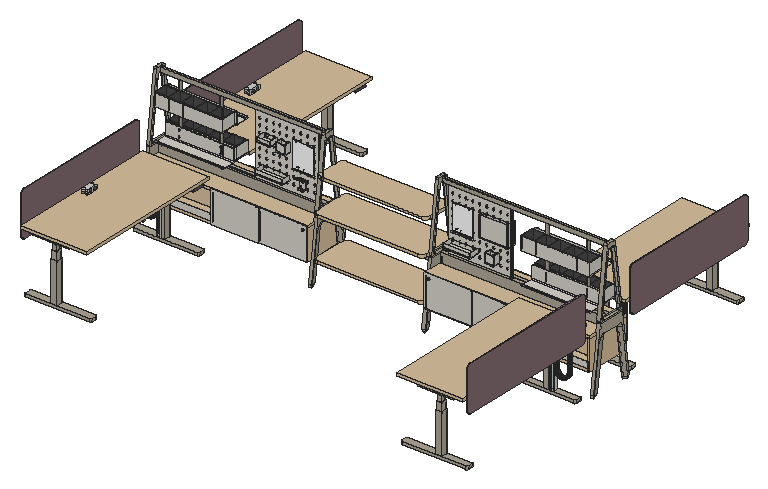
Revit family "Layout-Teknion-Expansion_Cityline_Upper_Structure_01-R2021", category Furniture Systems, Revit 2021 (continued)
Definition of nested family "Accessories-Teknion-JZTMA_Lift_And_Drop_Tile_Metal_Accessory-R2021"
  Forms (in)
    Sweep 5, void
      profile origin (21, -0.25, 0) x (-1, 0, 0) y (0, 0, 1)
        loop
          line (2.59646, 23.78343) -> (2.82283, 23.78343) -> (2.82283, 23.55705)
          arc (2.82283, 23.55705) -> (3, 23.37988) -> (3.17717, 23.55705) r 0.17717
          line (3.17717, 23.55705) -> (3.17717, 23.78343) -> (3.40354, 23.78343)
          arc (3.40354, 23.78343) -> (3.58071, 23.96059) -> (3.40354, 24.13776) r 0.17717
          line (3.40354, 24.13776) -> (3.17717, 24.13776) -> (3.17717, 24.36413)
          arc (3.17717, 24.36413) -> (3, 24.5413) -> (2.82283, 24.36413) r 0.17717
          line (2.82283, 24.36413) -> (2.82283, 24.13776) -> (2.59646, 24.13776)
          arc (2.59646, 24.13776) -> (2.41929, 23.96059) -> (2.59646, 23.78343) r 0.17717
        loop
          line (-0.40354, 23.78343) -> (-0.17717, 23.78343) -> (-0.17717, 23.55705)
          arc (-0.17717, 23.55705) -> (0, 23.37988) -> (0.17717, 23.55705) r 0.17717
          line (0.17717, 23.55705) -> (0.17717, 23.78343) -> (0.40354, 23.78343)
          arc (0.40354, 23.78343) -> (0.58071, 23.96059) -> (0.40354, 24.13776) r 0.17717
          line (0.40354, 24.13776) -> (0.17717, 24.13776) -> (0.17717, 24.36413)
          arc (0.17717, 24.36413) -> (0, 24.5413) -> (-0.17717, 24.36413) r 0.17717
          line (-0.17717, 24.36413) -> (-0.17717, 24.13776) -> (-0.40354, 24.13776)
          arc (-0.40354, 24.13776) -> (-0.58071, 23.96059) -> (-0.40354, 23.78343) r 0.17717
        loop
          line (-3.40354, 23.78343) -> (-3.17717, 23.78343) -> (-3.17717, 23.55705)
          arc (-3.17717, 23.55705) -> (-3, 23.37988) -> (-2.82283, 23.55705) r 0.17717
          line (-2.82283, 23.55705) -> (-2.82283, 23.78343) -> (-2.59646, 23.78343)
          arc (-2.59646, 23.78343) -> (-2.41929, 23.96059) -> (-2.59646, 24.13776) r 0.17717
          line (-2.59646, 24.13776) -> (-2.82283, 24.13776) -> (-2.82283, 24.36413)
          arc (-2.82283, 24.36413) -> (-3, 24.5413) -> (-3.17717, 24.36413) r 0.17717
          line (-3.17717, 24.36413) -> (-3.17717, 24.13776) -> (-3.40354, 24.13776)
          arc (-3.40354, 24.13776) -> (-3.58071, 23.96059) -> (-3.40354, 23.78343) r 0.17717
        loop
          line (-6.40354, 23.78343) -> (-6.17717, 23.78343) -> (-6.17717, 23.55705)
          arc (-6.17717, 23.55705) -> (-6, 23.37988) -> (-5.82283, 23.55705) r 0.17717
          line (-5.82283, 23.55705) -> (-5.82283, 23.78343) -> (-5.59646, 23.78343)
          arc (-5.59646, 23.78343) -> (-5.41929, 23.96059) -> (-5.59646, 24.13776) r 0.17717
          line (-5.59646, 24.13776) -> (-5.82283, 24.13776) -> (-5.82283, 24.36413)
          arc (-5.82283, 24.36413) -> (-6, 24.5413) -> (-6.17717, 24.36413) r 0.17717
          line (-6.17717, 24.36413) -> (-6.17717, 24.13776) -> (-6.40354, 24.13776)
          arc (-6.40354, 24.13776) -> (-6.58071, 23.96059) -> (-6.40354, 23.78343) r 0.17717
        loop
          line (-9.40354, 23.78343) -> (-9.17717, 23.78343) -> (-9.17717, 23.55705)
          arc (-9.17717, 23.55705) -> (-9, 23.37988) -> (-8.82283, 23.55705) r 0.17717
          line (-8.82283, 23.55705) -> (-8.82283, 23.78343) -> (-8.59646, 23.78343)
          arc (-8.59646, 23.78343) -> (-8.41929, 23.96059) -> (-8.59646, 24.13776) r 0.17717
          line (-8.59646, 24.13776) -> (-8.82283, 24.13776) -> (-8.82283, 24.36413)
          arc (-8.82283, 24.36413) -> (-9, 24.5413) -> (-9.17717, 24.36413) r 0.17717
          line (-9.17717, 24.36413) -> (-9.17717, 24.13776) -> (-9.40354, 24.13776)
          arc (-9.40354, 24.13776) -> (-9.58071, 23.96059) -> (-9.40354, 23.78343) r 0.17717
        loop
          line (-12.40354, 23.78343) -> (-12.17717, 23.78343) -> (-12.17717, 23.55705)
          arc (-12.17717, 23.55705) -> (-12, 23.37988) -> (-11.82283, 23.55705) r 0.17717
          line (-11.82283, 23.55705) -> (-11.82283, 23.78343) -> (-11.59646, 23.78343)
          arc (-11.59646, 23.78343) -> (-11.41929, 23.96059) -> (-11.59646, 24.13776) r 0.17717
          line (-11.59646, 24.13776) -> (-11.82283, 24.13776) -> (-11.82283, 24.36413)
          arc (-11.82283, 24.36413) -> (-12, 24.5413) -> (-12.17717, 24.36413) r 0.17717
          line (-12.17717, 24.36413) -> (-12.17717, 24.13776) -> (-12.40354, 24.13776)
          arc (-12.40354, 24.13776) -> (-12.58071, 23.96059) -> (-12.40354, 23.78343) r 0.17717
        loop
          line (-15.40354, 23.78343) -> (-15.17717, 23.78343) -> (-15.17717, 23.55705)
          arc (-15.17717, 23.55705) -> (-15, 23.37988) -> (-14.82283, 23.55705) r 0.17717
          line (-14.82283, 23.55705) -> (-14.82283, 23.78343) -> (-14.59646, 23.78343)
          arc (-14.59646, 23.78343) -> (-14.41929, 23.96059) -> (-14.59646, 24.13776) r 0.17717
          line (-14.59646, 24.13776) -> (-14.82283, 24.13776) -> (-14.82283, 24.36413)
          arc (-14.82283, 24.36413) -> (-15, 24.5413) -> (-15.17717, 24.36413) r 0.17717
          line (-15.17717, 24.36413) -> (-15.17717, 24.13776) -> (-15.40354, 24.13776)
          arc (-15.40354, 24.13776) -> (-15.58071, 23.96059) -> (-15.40354, 23.78343) r 0.17717
        loop
          line (-18.40354, 23.78343) -> (-18.17717, 23.78343) -> (-18.17717, 23.55705)
          arc (-18.17717, 23.55705) -> (-18, 23.37988) -> (-17.82283, 23.55705) r 0.17717
          line (-17.82283, 23.55705) -> (-17.82283, 23.78343) -> (-17.59646, 23.78343)
          arc (-17.59646, 23.78343) -> (-17.41929, 23.96059) -> (-17.59646, 24.13776) r 0.17717
          line (-17.59646, 24.13776) -> (-17.82283, 24.13776) -> (-17.82283, 24.36413)
          arc (-17.82283, 24.36413) -> (-18, 24.5413) -> (-18.17717, 24.36413) r 0.17717
          line (-18.17717, 24.36413) -> (-18.17717, 24.13776) -> (-18.40354, 24.13776)
          arc (-18.40354, 24.13776) -> (-18.58071, 23.96059) -> (-18.40354, 23.78343) r 0.17717
    Sweep 6, void
      path origin (0, 0, 0) x (1, 0, 0) y (0, 1, 0)
        loop
          line (21, -1.5) -> (21, 1)
      profile origin (21, -0.25, 0) x (-1, 0, 0) y (0, 0, 1)
        loop
          line (17.59646, 26.78343) -> (17.82283, 26.78343) -> (17.82283, 26.55705)
          arc (17.82283, 26.55705) -> (18, 26.37988) -> (18.17717, 26.55705) r 0.17717
          line (18.17717, 26.55705) -> (18.17717, 26.78343) -> (18.40354, 26.78343)
          arc (18.40354, 26.78343) -> (18.58071, 26.96059) -> (18.40354, 27.13776) r 0.17717
          line (18.40354, 27.13776) -> (18.17717, 27.13776) -> (18.17717, 27.36413)
          arc (18.17717, 27.36413) -> (18, 27.5413) -> (17.82283, 27.36413) r 0.17717
          line (17.82283, 27.36413) -> (17.82283, 27.13776) -> (17.59646, 27.13776)
          arc (17.59646, 27.13776) -> (17.41929, 26.96059) -> (17.59646, 26.78343) r 0.17717
        loop
          line (14.59646, 26.78343) -> (14.82283, 26.78343) -> (14.82283, 26.55705)
          arc (14.82283, 26.55705) -> (15, 26.37988) -> (15.17717, 26.55705) r 0.17717
          line (15.17717, 26.55705) -> (15.17717, 26.78343) -> (15.40354, 26.78343)
          arc (15.40354, 26.78343) -> (15.58071, 26.96059) -> (15.40354, 27.13776) r 0.17717
          line (15.40354, 27.13776) -> (15.17717, 27.13776) -> (15.17717, 27.36413)
          arc (15.17717, 27.36413) -> (15, 27.5413) -> (14.82283, 27.36413) r 0.17717
          line (14.82283, 27.36413) -> (14.82283, 27.13776) -> (14.59646, 27.13776)
          arc (14.59646, 27.13776) -> (14.41929, 26.96059) -> (14.59646, 26.78343) r 0.17717
        loop
          line (11.59646, 26.78343) -> (11.82283, 26.78343) -> (11.82283, 26.55705)
          arc (11.82283, 26.55705) -> (12, 26.37988) -> (12.17717, 26.55705) r 0.17717
          line (12.17717, 26.55705) -> (12.17717, 26.78343) -> (12.40354, 26.78343)
          arc (12.40354, 26.78343) -> (12.58071, 26.96059) -> (12.40354, 27.13776) r 0.17717
          line (12.40354, 27.13776) -> (12.17717, 27.13776) -> (12.17717, 27.36413)
          arc (12.17717, 27.36413) -> (12, 27.5413) -> (11.82283, 27.36413) r 0.17717
          line (11.82283, 27.36413) -> (11.82283, 27.13776) -> (11.59646, 27.13776)
          arc (11.59646, 27.13776) -> (11.41929, 26.96059) -> (11.59646, 26.78343) r 0.17717
        loop
          line (8.59646, 26.78343) -> (8.82283, 26.78343) -> (8.82283, 26.55705)
          arc (8.82283, 26.55705) -> (9, 26.37988) -> (9.17717, 26.55705) r 0.17717
          line (9.17717, 26.55705) -> (9.17717, 26.78343) -> (9.40354, 26.78343)
          arc (9.40354, 26.78343) -> (9.58071, 26.96059) -> (9.40354, 27.13776) r 0.17717
          line (9.40354, 27.13776) -> (9.17717, 27.13776) -> (9.17717, 27.36413)
          arc (9.17717, 27.36413) -> (9, 27.5413) -> (8.82283, 27.36413) r 0.17717
          line (8.82283, 27.36413) -> (8.82283, 27.13776) -> (8.59646, 27.13776)
          arc (8.59646, 27.13776) -> (8.41929, 26.96059) -> (8.59646, 26.78343) r 0.17717
        loop
          line (5.59646, 26.78343) -> (5.82283, 26.78343) -> (5.82283, 26.55705)
          arc (5.82283, 26.55705) -> (6, 26.37988) -> (6.17717, 26.55705) r 0.17717
          line (6.17717, 26.55705) -> (6.17717, 26.78343) -> (6.40354, 26.78343)
          arc (6.40354, 26.78343) -> (6.58071, 26.96059) -> (6.40354, 27.13776) r 0.17717
          line (6.40354, 27.13776) -> (6.17717, 27.13776) -> (6.17717, 27.36413)
          arc (6.17717, 27.36413) -> (6, 27.5413) -> (5.82283, 27.36413) r 0.17717
          line (5.82283, 27.36413) -> (5.82283, 27.13776) -> (5.59646, 27.13776)
          arc (5.59646, 27.13776) -> (5.41929, 26.96059) -> (5.59646, 26.78343) r 0.17717
        loop
          line (2.59646, 26.78343) -> (2.82283, 26.78343) -> (2.82283, 26.55705)
          arc (2.82283, 26.55705) -> (3, 26.37988) -> (3.17717, 26.55705) r 0.17717
          line (3.17717, 26.55705) -> (3.17717, 26.78343) -> (3.40354, 26.78343)
          arc (3.40354, 26.78343) -> (3.58071, 26.96059) -> (3.40354, 27.13776) r 0.17717
          line (3.40354, 27.13776) -> (3.17717, 27.13776) -> (3.17717, 27.36413)
          arc (3.17717, 27.36413) -> (3, 27.5413) -> (2.82283, 27.36413) r 0.17717
          line (2.82283, 27.36413) -> (2.82283, 27.13776) -> (2.59646, 27.13776)
          arc (2.59646, 27.13776) -> (2.41929, 26.96059) -> (2.59646, 26.78343) r 0.17717
        loop
          line (-0.40354, 26.78343) -> (-0.17717, 26.78343) -> (-0.17717, 26.55705)
          arc (-0.17717, 26.55705) -> (0, 26.37988) -> (0.17717, 26.55705) r 0.17717
          line (0.17717, 26.55705) -> (0.17717, 26.78343) -> (0.40354, 26.78343)
          arc (0.40354, 26.78343) -> (0.58071, 26.96059) -> (0.40354, 27.13776) r 0.17717
          line (0.40354, 27.13776) -> (0.17717, 27.13776) -> (0.17717, 27.36413)
          arc (0.17717, 27.36413) -> (0, 27.5413) -> (-0.17717, 27.36413) r 0.17717
          line (-0.17717, 27.36413) -> (-0.17717, 27.13776) -> (-0.40354, 27.13776)
          arc (-0.40354, 27.13776) -> (-0.58071, 26.96059) -> (-0.40354, 26.78343) r 0.17717
        loop
          line (-3.40354, 26.78343) -> (-3.17717, 26.78343) -> (-3.17717, 26.55705)
          arc (-3.17717, 26.55705) -> (-3, 26.37988) -> (-2.82283, 26.55705) r 0.17717
          line (-2.82283, 26.55705) -> (-2.82283, 26.78343) -> (-2.59646, 26.78343)
          arc (-2.59646, 26.78343) -> (-2.41929, 26.96059) -> (-2.59646, 27.13776) r 0.17717
          line (-2.59646, 27.13776) -> (-2.82283, 27.13776) -> (-2.82283, 27.36413)
          arc (-2.82283, 27.36413) -> (-3, 27.5413) -> (-3.17717, 27.36413) r 0.17717
          line (-3.17717, 27.36413) -> (-3.17717, 27.13776) -> (-3.40354, 27.13776)
          arc (-3.40354, 27.13776) -> (-3.58071, 26.96059) -> (-3.40354, 26.78343) r 0.17717
        loop
          line (-6.40354, 26.78343) -> (-6.17717, 26.78343) -> (-6.17717, 26.55705)
          arc (-6.17717, 26.55705) -> (-6, 26.37988) -> (-5.82283, 26.55705) r 0.17717
          line (-5.82283, 26.55705) -> (-5.82283, 26.78343) -> (-5.59646, 26.78343)
          arc (-5.59646, 26.78343) -> (-5.41929, 26.96059) -> (-5.59646, 27.13776) r 0.17717
          line (-5.59646, 27.13776) -> (-5.82283, 27.13776) -> (-5.82283, 27.36413)
          arc (-5.82283, 27.36413) -> (-6, 27.5413) -> (-6.17717, 27.36413) r 0.17717
          line (-6.17717, 27.36413) -> (-6.17717, 27.13776) -> (-6.40354, 27.13776)
          arc (-6.40354, 27.13776) -> (-6.58071, 26.96059) -> (-6.40354, 26.78343) r 0.17717
        loop
          line (-9.40354, 26.78343) -> (-9.17717, 26.78343) -> (-9.17717, 26.55705)
          arc (-9.17717, 26.55705) -> (-9, 26.37988) -> (-8.82283, 26.55705) r 0.17717
          line (-8.82283, 26.55705) -> (-8.82283, 26.78343) -> (-8.59646, 26.78343)
          arc (-8.59646, 26.78343) -> (-8.41929, 26.96059) -> (-8.59646, 27.13776) r 0.17717
          line (-8.59646, 27.13776) -> (-8.82283, 27.13776) -> (-8.82283, 27.36413)
          arc (-8.82283, 27.36413) -> (-9, 27.5413) -> (-9.17717, 27.36413) r 0.17717
          line (-9.17717, 27.36413) -> (-9.17717, 27.13776) -> (-9.40354, 27.13776)
          arc (-9.40354, 27.13776) -> (-9.58071, 26.96059) -> (-9.40354, 26.78343) r 0.17717
        loop
          line (-12.40354, 26.78343) -> (-12.17717, 26.78343) -> (-12.17717, 26.55705)
          arc (-12.17717, 26.55705) -> (-12, 26.37988) -> (-11.82283, 26.55705) r 0.17717
          line (-11.82283, 26.55705) -> (-11.82283, 26.78343) -> (-11.59646, 26.78343)
          arc (-11.59646, 26.78343) -> (-11.41929, 26.96059) -> (-11.59646, 27.13776) r 0.17717
          line (-11.59646, 27.13776) -> (-11.82283, 27.13776) -> (-11.82283, 27.36413)
          arc (-11.82283, 27.36413) -> (-12, 27.5413) -> (-12.17717, 27.36413) r 0.17717
          line (-12.17717, 27.36413) -> (-12.17717, 27.13776) -> (-12.40354, 27.13776)
          arc (-12.40354, 27.13776) -> (-12.58071, 26.96059) -> (-12.40354, 26.78343) r 0.17717
        loop
          line (-15.40354, 26.78343) -> (-15.17717, 26.78343) -> (-15.17717, 26.55705)
          arc (-15.17717, 26.55705) -> (-15, 26.37988) -> (-14.82283, 26.55705) r 0.17717
          line (-14.82283, 26.55705) -> (-14.82283, 26.78343) -> (-14.59646, 26.78343)
          arc (-14.59646, 26.78343) -> (-14.41929, 26.96059) -> (-14.59646, 27.13776) r 0.17717
          line (-14.59646, 27.13776) -> (-14.82283, 27.13776) -> (-14.82283, 27.36413)
          arc (-14.82283, 27.36413) -> (-15, 27.5413) -> (-15.17717, 27.36413) r 0.17717
          line (-15.17717, 27.36413) -> (-15.17717, 27.13776) -> (-15.40354, 27.13776)
          arc (-15.40354, 27.13776) -> (-15.58071, 26.96059) -> (-15.40354, 26.78343) r 0.17717
        loop
          line (-18.40354, 26.78343) -> (-18.17717, 26.78343) -> (-18.17717, 26.55705)
          arc (-18.17717, 26.55705) -> (-18, 26.37988) -> (-17.82283, 26.55705) r 0.17717
          line (-17.82283, 26.55705) -> (-17.82283, 26.78343) -> (-17.59646, 26.78343)
          arc (-17.59646, 26.78343) -> (-17.41929, 26.96059) -> (-17.59646, 27.13776) r 0.17717
          line (-17.59646, 27.13776) -> (-17.82283, 27.13776) -> (-17.82283, 27.36413)
          arc (-17.82283, 27.36413) -> (-18, 27.5413) -> (-18.17717, 27.36413) r 0.17717
          line (-18.17717, 27.36413) -> (-18.17717, 27.13776) -> (-18.40354, 27.13776)
          arc (-18.40354, 27.13776) -> (-18.58071, 26.96059) -> (-18.40354, 26.78343) r 0.17717
    Sweep 7, void
      path origin (0, 0, 0) x (1, 0, 0) y (0, 1, 0)
        loop
          line (21, -1.5) -> (21, 1)
      profile origin (21, -0.25, 0) x (-1, 0, 0) y (0, 0, 1)
        loop
          line (17.59646, 29.78343) -> (17.82283, 29.78343) -> (17.82283, 29.55705)
          arc (17.82283, 29.55705) -> (18, 29.37988) -> (18.17717, 29.55705) r 0.17717
          line (18.17717, 29.55705) -> (18.17717, 29.78343) -> (18.40354, 29.78343)
          arc (18.40354, 29.78343) -> (18.58071, 29.96059) -> (18.40354, 30.13776) r 0.17717
          line (18.40354, 30.13776) -> (18.17717, 30.13776) -> (18.17717, 30.36413)
          arc (18.17717, 30.36413) -> (18, 30.5413) -> (17.82283, 30.36413) r 0.17717
          line (17.82283, 30.36413) -> (17.82283, 30.13776) -> (17.59646, 30.13776)
          arc (17.59646, 30.13776) -> (17.41929, 29.96059) -> (17.59646, 29.78343) r 0.17717
        loop
          line (14.59646, 29.78343) -> (14.82283, 29.78343) -> (14.82283, 29.55705)
          arc (14.82283, 29.55705) -> (15, 29.37988) -> (15.17717, 29.55705) r 0.17717
          line (15.17717, 29.55705) -> (15.17717, 29.78343) -> (15.40354, 29.78343)
          arc (15.40354, 29.78343) -> (15.58071, 29.96059) -> (15.40354, 30.13776) r 0.17717
          line (15.40354, 30.13776) -> (15.17717, 30.13776) -> (15.17717, 30.36413)
          arc (15.17717, 30.36413) -> (15, 30.5413) -> (14.82283, 30.36413) r 0.17717
          line (14.82283, 30.36413) -> (14.82283, 30.13776) -> (14.59646, 30.13776)
          arc (14.59646, 30.13776) -> (14.41929, 29.96059) -> (14.59646, 29.78343) r 0.17717
        loop
          line (11.59646, 29.78343) -> (11.82283, 29.78343) -> (11.82283, 29.55705)
          arc (11.82283, 29.55705) -> (12, 29.37988) -> (12.17717, 29.55705) r 0.17717
          line (12.17717, 29.55705) -> (12.17717, 29.78343) -> (12.40354, 29.78343)
          arc (12.40354, 29.78343) -> (12.58071, 29.96059) -> (12.40354, 30.13776) r 0.17717
          line (12.40354, 30.13776) -> (12.17717, 30.13776) -> (12.17717, 30.36413)
          arc (12.17717, 30.36413) -> (12, 30.5413) -> (11.82283, 30.36413) r 0.17717
          line (11.82283, 30.36413) -> (11.82283, 30.13776) -> (11.59646, 30.13776)
          arc (11.59646, 30.13776) -> (11.41929, 29.96059) -> (11.59646, 29.78343) r 0.17717
        loop
          line (8.59646, 29.78343) -> (8.82283, 29.78343) -> (8.82283, 29.55705)
          arc (8.82283, 29.55705) -> (9, 29.37988) -> (9.17717, 29.55705) r 0.17717
          line (9.17717, 29.55705) -> (9.17717, 29.78343) -> (9.40354, 29.78343)
          arc (9.40354, 29.78343) -> (9.58071, 29.96059) -> (9.40354, 30.13776) r 0.17717
          line (9.40354, 30.13776) -> (9.17717, 30.13776) -> (9.17717, 30.36413)
          arc (9.17717, 30.36413) -> (9, 30.5413) -> (8.82283, 30.36413) r 0.17717
          line (8.82283, 30.36413) -> (8.82283, 30.13776) -> (8.59646, 30.13776)
          arc (8.59646, 30.13776) -> (8.41929, 29.96059) -> (8.59646, 29.78343) r 0.17717
        loop
          line (5.59646, 29.78343) -> (5.82283, 29.78343) -> (5.82283, 29.55705)
          arc (5.82283, 29.55705) -> (6, 29.37988) -> (6.17717, 29.55705) r 0.17717
          line (6.17717, 29.55705) -> (6.17717, 29.78343) -> (6.40354, 29.78343)
          arc (6.40354, 29.78343) -> (6.58071, 29.96059) -> (6.40354, 30.13776) r 0.17717
          line (6.40354, 30.13776) -> (6.17717, 30.13776) -> (6.17717, 30.36413)
          arc (6.17717, 30.36413) -> (6, 30.5413) -> (5.82283, 30.36413) r 0.17717
          line (5.82283, 30.36413) -> (5.82283, 30.13776) -> (5.59646, 30.13776)
          arc (5.59646, 30.13776) -> (5.41929, 29.96059) -> (5.59646, 29.78343) r 0.17717
        loop
          line (2.59646, 29.78343) -> (2.82283, 29.78343) -> (2.82283, 29.55705)
          arc (2.82283, 29.55705) -> (3, 29.37988) -> (3.17717, 29.55705) r 0.17717
          line (3.17717, 29.55705) -> (3.17717, 29.78343) -> (3.40354, 29.78343)
          arc (3.40354, 29.78343) -> (3.58071, 29.96059) -> (3.40354, 30.13776) r 0.17717
          line (3.40354, 30.13776) -> (3.17717, 30.13776) -> (3.17717, 30.36413)
          arc (3.17717, 30.36413) -> (3, 30.5413) -> (2.82283, 30.36413) r 0.17717
          line (2.82283, 30.36413) -> (2.82283, 30.13776) -> (2.59646, 30.13776)
          arc (2.59646, 30.13776) -> (2.41929, 29.96059) -> (2.59646, 29.78343) r 0.17717
        loop
          line (-0.40354, 29.78343) -> (-0.17717, 29.78343) -> (-0.17717, 29.55705)
          arc (-0.17717, 29.55705) -> (0, 29.37988) -> (0.17717, 29.55705) r 0.17717
          line (0.17717, 29.55705) -> (0.17717, 29.78343) -> (0.40354, 29.78343)
          arc (0.40354, 29.78343) -> (0.58071, 29.96059) -> (0.40354, 30.13776) r 0.17717
          line (0.40354, 30.13776) -> (0.17717, 30.13776) -> (0.17717, 30.36413)
          arc (0.17717, 30.36413) -> (0, 30.5413) -> (-0.17717, 30.36413) r 0.17717
          line (-0.17717, 30.36413) -> (-0.17717, 30.13776) -> (-0.40354, 30.13776)
          arc (-0.40354, 30.13776) -> (-0.58071, 29.96059) -> (-0.40354, 29.78343) r 0.17717
        loop
          line (-3.40354, 29.78343) -> (-3.17717, 29.78343) -> (-3.17717, 29.55705)
          arc (-3.17717, 29.55705) -> (-3, 29.37988) -> (-2.82283, 29.55705) r 0.17717
          line (-2.82283, 29.55705) -> (-2.82283, 29.78343) -> (-2.59646, 29.78343)
          arc (-2.59646, 29.78343) -> (-2.41929, 29.96059) -> (-2.59646, 30.13776) r 0.17717
          line (-2.59646, 30.13776) -> (-2.82283, 30.13776) -> (-2.82283, 30.36413)
          arc (-2.82283, 30.36413) -> (-3, 30.5413) -> (-3.17717, 30.36413) r 0.17717
          line (-3.17717, 30.36413) -> (-3.17717, 30.13776) -> (-3.40354, 30.13776)
          arc (-3.40354, 30.13776) -> (-3.58071, 29.96059) -> (-3.40354, 29.78343) r 0.17717
        loop
          line (-6.40354, 29.78343) -> (-6.17717, 29.78343) -> (-6.17717, 29.55705)
          arc (-6.17717, 29.55705) -> (-6, 29.37988) -> (-5.82283, 29.55705) r 0.17717
          line (-5.82283, 29.55705) -> (-5.82283, 29.78343) -> (-5.59646, 29.78343)
          arc (-5.59646, 29.78343) -> (-5.41929, 29.96059) -> (-5.59646, 30.13776) r 0.17717
          line (-5.59646, 30.13776) -> (-5.82283, 30.13776) -> (-5.82283, 30.36413)
          arc (-5.82283, 30.36413) -> (-6, 30.5413) -> (-6.17717, 30.36413) r 0.17717
          line (-6.17717, 30.36413) -> (-6.17717, 30.13776) -> (-6.40354, 30.13776)
          arc (-6.40354, 30.13776) -> (-6.58071, 29.96059) -> (-6.40354, 29.78343) r 0.17717
        loop
          line (-9.40354, 29.78343) -> (-9.17717, 29.78343) -> (-9.17717, 29.55705)
          arc (-9.17717, 29.55705) -> (-9, 29.37988) -> (-8.82283, 29.55705) r 0.17717
          line (-8.82283, 29.55705) -> (-8.82283, 29.78343) -> (-8.59646, 29.78343)
          arc (-8.59646, 29.78343) -> (-8.41929, 29.96059) -> (-8.59646, 30.13776) r 0.17717
          line (-8.59646, 30.13776) -> (-8.82283, 30.13776) -> (-8.82283, 30.36413)
          arc (-8.82283, 30.36413) -> (-9, 30.5413) -> (-9.17717, 30.36413) r 0.17717
          line (-9.17717, 30.36413) -> (-9.17717, 30.13776) -> (-9.40354, 30.13776)
          arc (-9.40354, 30.13776) -> (-9.58071, 29.96059) -> (-9.40354, 29.78343) r 0.17717
        loop
          line (-12.40354, 29.78343) -> (-12.17717, 29.78343) -> (-12.17717, 29.55705)
          arc (-12.17717, 29.55705) -> (-12, 29.37988) -> (-11.82283, 29.55705) r 0.17717
          line (-11.82283, 29.55705) -> (-11.82283, 29.78343) -> (-11.59646, 29.78343)
          arc (-11.59646, 29.78343) -> (-11.41929, 29.96059) -> (-11.59646, 30.13776) r 0.17717
          line (-11.59646, 30.13776) -> (-11.82283, 30.13776) -> (-11.82283, 30.36413)
          arc (-11.82283, 30.36413) -> (-12, 30.5413) -> (-12.17717, 30.36413) r 0.17717
          line (-12.17717, 30.36413) -> (-12.17717, 30.13776) -> (-12.40354, 30.13776)
          arc (-12.40354, 30.13776) -> (-12.58071, 29.96059) -> (-12.40354, 29.78343) r 0.17717
        loop
          line (-15.40354, 29.78343) -> (-15.17717, 29.78343) -> (-15.17717, 29.55705)
          arc (-15.17717, 29.55705) -> (-15, 29.37988) -> (-14.82283, 29.55705) r 0.17717
          line (-14.82283, 29.55705) -> (-14.82283, 29.78343) -> (-14.59646, 29.78343)
          arc (-14.59646, 29.78343) -> (-14.41929, 29.96059) -> (-14.59646, 30.13776) r 0.17717
          line (-14.59646, 30.13776) -> (-14.82283, 30.13776) -> (-14.82283, 30.36413)
          arc (-14.82283, 30.36413) -> (-15, 30.5413) -> (-15.17717, 30.36413) r 0.17717
          line (-15.17717, 30.36413) -> (-15.17717, 30.13776) -> (-15.40354, 30.13776)
          arc (-15.40354, 30.13776) -> (-15.58071, 29.96059) -> (-15.40354, 29.78343) r 0.17717
        loop
          line (-18.40354, 29.78343) -> (-18.17717, 29.78343) -> (-18.17717, 29.55705)
          arc (-18.17717, 29.55705) -> (-18, 29.37988) -> (-17.82283, 29.55705) r 0.17717
          line (-17.82283, 29.55705) -> (-17.82283, 29.78343) -> (-17.59646, 29.78343)
          arc (-17.59646, 29.78343) -> (-17.41929, 29.96059) -> (-17.59646, 30.13776) r 0.17717
          line (-17.59646, 30.13776) -> (-17.82283, 30.13776) -> (-17.82283, 30.36413)
          arc (-17.82283, 30.36413) -> (-18, 30.5413) -> (-18.17717, 30.36413) r 0.17717
          line (-18.17717, 30.36413) -> (-18.17717, 30.13776) -> (-18.40354, 30.13776)
          arc (-18.40354, 30.13776) -> (-18.58071, 29.96059) -> (-18.40354, 29.78343) r 0.17717
    Sweep 8, void
      path origin (0, 0, 0) x (1, 0, 0) y (0, 1, 0)
        loop
          line (21, -1.5) -> (21, 1)
      profile origin (21, -0.25, 0) x (-1, 0, 0) y (0, 0, 1)
        loop
          line (17.59646, 32.78343) -> (17.82283, 32.78343) -> (17.82283, 32.55705)
          arc (17.82283, 32.55705) -> (18, 32.37988) -> (18.17717, 32.55705) r 0.17717
          line (18.17717, 32.55705) -> (18.17717, 32.78343) -> (18.40354, 32.78343)
          arc (18.40354, 32.78343) -> (18.58071, 32.96059) -> (18.40354, 33.13776) r 0.17717
          line (18.40354, 33.13776) -> (18.17717, 33.13776) -> (18.17717, 33.36413)
          arc (18.17717, 33.36413) -> (18, 33.5413) -> (17.82283, 33.36413) r 0.17717
          line (17.82283, 33.36413) -> (17.82283, 33.13776) -> (17.59646, 33.13776)
          arc (17.59646, 33.13776) -> (17.41929, 32.96059) -> (17.59646, 32.78343) r 0.17717
        loop
          line (14.59646, 32.78343) -> (14.82283, 32.78343) -> (14.82283, 32.55705)
          arc (14.82283, 32.55705) -> (15, 32.37988) -> (15.17717, 32.55705) r 0.17717
          line (15.17717, 32.55705) -> (15.17717, 32.78343) -> (15.40354, 32.78343)
          arc (15.40354, 32.78343) -> (15.58071, 32.96059) -> (15.40354, 33.13776) r 0.17717
          line (15.40354, 33.13776) -> (15.17717, 33.13776) -> (15.17717, 33.36413)
          arc (15.17717, 33.36413) -> (15, 33.5413) -> (14.82283, 33.36413) r 0.17717
          line (14.82283, 33.36413) -> (14.82283, 33.13776) -> (14.59646, 33.13776)
          arc (14.59646, 33.13776) -> (14.41929, 32.96059) -> (14.59646, 32.78343) r 0.17717
        loop
          line (11.59646, 32.78343) -> (11.82283, 32.78343) -> (11.82283, 32.55705)
          arc (11.82283, 32.55705) -> (12, 32.37988) -> (12.17717, 32.55705) r 0.17717
          line (12.17717, 32.55705) -> (12.17717, 32.78343) -> (12.40354, 32.78343)
          arc (12.40354, 32.78343) -> (12.58071, 32.96059) -> (12.40354, 33.13776) r 0.17717
          line (12.40354, 33.13776) -> (12.17717, 33.13776) -> (12.17717, 33.36413)
          arc (12.17717, 33.36413) -> (12, 33.5413) -> (11.82283, 33.36413) r 0.17717
          line (11.82283, 33.36413) -> (11.82283, 33.13776) -> (11.59646, 33.13776)
          arc (11.59646, 33.13776) -> (11.41929, 32.96059) -> (11.59646, 32.78343) r 0.17717
        loop
          line (8.59646, 32.78343) -> (8.82283, 32.78343) -> (8.82283, 32.55705)
          arc (8.82283, 32.55705) -> (9, 32.37988) -> (9.17717, 32.55705) r 0.17717
          line (9.17717, 32.55705) -> (9.17717, 32.78343) -> (9.40354, 32.78343)
          arc (9.40354, 32.78343) -> (9.58071, 32.96059) -> (9.40354, 33.13776) r 0.17717
          line (9.40354, 33.13776) -> (9.17717, 33.13776) -> (9.17717, 33.36413)
          arc (9.17717, 33.36413) -> (9, 33.5413) -> (8.82283, 33.36413) r 0.17717
          line (8.82283, 33.36413) -> (8.82283, 33.13776) -> (8.59646, 33.13776)
          arc (8.59646, 33.13776) -> (8.41929, 32.96059) -> (8.59646, 32.78343) r 0.17717
        loop
          line (5.59646, 32.78343) -> (5.82283, 32.78343) -> (5.82283, 32.55705)
          arc (5.82283, 32.55705) -> (6, 32.37988) -> (6.17717, 32.55705) r 0.17717
          line (6.17717, 32.55705) -> (6.17717, 32.78343) -> (6.40354, 32.78343)
          arc (6.40354, 32.78343) -> (6.58071, 32.96059) -> (6.40354, 33.13776) r 0.17717
          line (6.40354, 33.13776) -> (6.17717, 33.13776) -> (6.17717, 33.36413)
          arc (6.17717, 33.36413) -> (6, 33.5413) -> (5.82283, 33.36413) r 0.17717
          line (5.82283, 33.36413) -> (5.82283, 33.13776) -> (5.59646, 33.13776)
          arc (5.59646, 33.13776) -> (5.41929, 32.96059) -> (5.59646, 32.78343) r 0.17717
        loop
          line (2.59646, 32.78343) -> (2.82283, 32.78343) -> (2.82283, 32.55705)
          arc (2.82283, 32.55705) -> (3, 32.37988) -> (3.17717, 32.55705) r 0.17717
          line (3.17717, 32.55705) -> (3.17717, 32.78343) -> (3.40354, 32.78343)
          arc (3.40354, 32.78343) -> (3.58071, 32.96059) -> (3.40354, 33.13776) r 0.17717
          line (3.40354, 33.13776) -> (3.17717, 33.13776) -> (3.17717, 33.36413)
          arc (3.17717, 33.36413) -> (3, 33.5413) -> (2.82283, 33.36413) r 0.17717
          line (2.82283, 33.36413) -> (2.82283, 33.13776) -> (2.59646, 33.13776)
          arc (2.59646, 33.13776) -> (2.41929, 32.96059) -> (2.59646, 32.78343) r 0.17717
        loop
          line (-0.40354, 32.78343) -> (-0.17717, 32.78343) -> (-0.17717, 32.55705)
          arc (-0.17717, 32.55705) -> (0, 32.37988) -> (0.17717, 32.55705) r 0.17717
          line (0.17717, 32.55705) -> (0.17717, 32.78343) -> (0.40354, 32.78343)
          arc (0.40354, 32.78343) -> (0.58071, 32.96059) -> (0.40354, 33.13776) r 0.17717
          line (0.40354, 33.13776) -> (0.17717, 33.13776) -> (0.17717, 33.36413)
          arc (0.17717, 33.36413) -> (0, 33.5413) -> (-0.17717, 33.36413) r 0.17717
          line (-0.17717, 33.36413) -> (-0.17717, 33.13776) -> (-0.40354, 33.13776)
          arc (-0.40354, 33.13776) -> (-0.58071, 32.96059) -> (-0.40354, 32.78343) r 0.17717
        loop
          line (-3.40354, 32.78343) -> (-3.17717, 32.78343) -> (-3.17717, 32.55705)
          arc (-3.17717, 32.55705) -> (-3, 32.37988) -> (-2.82283, 32.55705) r 0.17717
          line (-2.82283, 32.55705) -> (-2.82283, 32.78343) -> (-2.59646, 32.78343)
          arc (-2.59646, 32.78343) -> (-2.41929, 32.96059) -> (-2.59646, 33.13776) r 0.17717
          line (-2.59646, 33.13776) -> (-2.82283, 33.13776) -> (-2.82283, 33.36413)
          arc (-2.82283, 33.36413) -> (-3, 33.5413) -> (-3.17717, 33.36413) r 0.17717
          line (-3.17717, 33.36413) -> (-3.17717, 33.13776) -> (-3.40354, 33.13776)
          arc (-3.40354, 33.13776) -> (-3.58071, 32.96059) -> (-3.40354, 32.78343) r 0.17717
        loop
          line (-6.40354, 32.78343) -> (-6.17717, 32.78343) -> (-6.17717, 32.55705)
          arc (-6.17717, 32.55705) -> (-6, 32.37988) -> (-5.82283, 32.55705) r 0.17717
          line (-5.82283, 32.55705) -> (-5.82283, 32.78343) -> (-5.59646, 32.78343)
          arc (-5.59646, 32.78343) -> (-5.41929, 32.96059) -> (-5.59646, 33.13776) r 0.17717
          line (-5.59646, 33.13776) -> (-5.82283, 33.13776) -> (-5.82283, 33.36413)
          arc (-5.82283, 33.36413) -> (-6, 33.5413) -> (-6.17717, 33.36413) r 0.17717
          line (-6.17717, 33.36413) -> (-6.17717, 33.13776) -> (-6.40354, 33.13776)
          arc (-6.40354, 33.13776) -> (-6.58071, 32.96059) -> (-6.40354, 32.78343) r 0.17717
        loop
          line (-9.40354, 32.78343) -> (-9.17717, 32.78343) -> (-9.17717, 32.55705)
          arc (-9.17717, 32.55705) -> (-9, 32.37988) -> (-8.82283, 32.55705) r 0.17717
          line (-8.82283, 32.55705) -> (-8.82283, 32.78343) -> (-8.59646, 32.78343)
          arc (-8.59646, 32.78343) -> (-8.41929, 32.96059) -> (-8.59646, 33.13776) r 0.17717
          line (-8.59646, 33.13776) -> (-8.82283, 33.13776) -> (-8.82283, 33.36413)
          arc (-8.82283, 33.36413) -> (-9, 33.5413) -> (-9.17717, 33.36413) r 0.17717
          line (-9.17717, 33.36413) -> (-9.17717, 33.13776) -> (-9.40354, 33.13776)
          arc (-9.40354, 33.13776) -> (-9.58071, 32.96059) -> (-9.40354, 32.78343) r 0.17717
        loop
          line (-12.40354, 32.78343) -> (-12.17717, 32.78343) -> (-12.17717, 32.55705)
          arc (-12.17717, 32.55705) -> (-12, 32.37988) -> (-11.82283, 32.55705) r 0.17717
          line (-11.82283, 32.55705) -> (-11.82283, 32.78343) -> (-11.59646, 32.78343)
          arc (-11.59646, 32.78343) -> (-11.41929, 32.96059) -> (-11.59646, 33.13776) r 0.17717
          line (-11.59646, 33.13776) -> (-11.82283, 33.13776) -> (-11.82283, 33.36413)
          arc (-11.82283, 33.36413) -> (-12, 33.5413) -> (-12.17717, 33.36413) r 0.17717
          line (-12.17717, 33.36413) -> (-12.17717, 33.13776) -> (-12.40354, 33.13776)
          arc (-12.40354, 33.13776) -> (-12.58071, 32.96059) -> (-12.40354, 32.78343) r 0.17717
        loop
          line (-15.40354, 32.78343) -> (-15.17717, 32.78343) -> (-15.17717, 32.55705)
          arc (-15.17717, 32.55705) -> (-15, 32.37988) -> (-14.82283, 32.55705) r 0.17717
          line (-14.82283, 32.55705) -> (-14.82283, 32.78343) -> (-14.59646, 32.78343)
          arc (-14.59646, 32.78343) -> (-14.41929, 32.96059) -> (-14.59646, 33.13776) r 0.17717
          line (-14.59646, 33.13776) -> (-14.82283, 33.13776) -> (-14.82283, 33.36413)
          arc (-14.82283, 33.36413) -> (-15, 33.5413) -> (-15.17717, 33.36413) r 0.17717
          line (-15.17717, 33.36413) -> (-15.17717, 33.13776) -> (-15.40354, 33.13776)
          arc (-15.40354, 33.13776) -> (-15.58071, 32.96059) -> (-15.40354, 32.78343) r 0.17717
        loop
          line (-18.40354, 32.78343) -> (-18.17717, 32.78343) -> (-18.17717, 32.55705)
          arc (-18.17717, 32.55705) -> (-18, 32.37988) -> (-17.82283, 32.55705) r 0.17717
          line (-17.82283, 32.55705) -> (-17.82283, 32.78343) -> (-17.59646, 32.78343)
          arc (-17.59646, 32.78343) -> (-17.41929, 32.96059) -> (-17.59646, 33.13776) r 0.17717
          line (-17.59646, 33.13776) -> (-17.82283, 33.13776) -> (-17.82283, 33.36413)
          arc (-17.82283, 33.36413) -> (-18, 33.5413) -> (-18.17717, 33.36413) r 0.17717
          line (-18.17717, 33.36413) -> (-18.17717, 33.13776) -> (-18.40354, 33.13776)
          arc (-18.40354, 33.13776) -> (-18.58071, 32.96059) -> (-18.40354, 32.78343) r 0.17717
    Sweep 9, void
      path origin (0, 0, 0) x (1, 0, 0) y (0, 1, 0)
        loop
          line (21, -1.5) -> (21, 1)
      profile origin (21, -0.25, 0) x (-1, 0, 0) y (0, 0, 1)
        loop
          line (17.59646, 35.78343) -> (17.82283, 35.78343) -> (17.82283, 35.55705)
          arc (17.82283, 35.55705) -> (18, 35.37988) -> (18.17717, 35.55705) r 0.17717
          line (18.17717, 35.55705) -> (18.17717, 35.78343) -> (18.40354, 35.78343)
          arc (18.40354, 35.78343) -> (18.58071, 35.96059) -> (18.40354, 36.13776) r 0.17717
          line (18.40354, 36.13776) -> (18.17717, 36.13776) -> (18.17717, 36.36413)
          arc (18.17717, 36.36413) -> (18, 36.5413) -> (17.82283, 36.36413) r 0.17717
          line (17.82283, 36.36413) -> (17.82283, 36.13776) -> (17.59646, 36.13776)
          arc (17.59646, 36.13776) -> (17.41929, 35.96059) -> (17.59646, 35.78343) r 0.17717
        loop
          line (14.59646, 35.78343) -> (14.82283, 35.78343) -> (14.82283, 35.55705)
          arc (14.82283, 35.55705) -> (15, 35.37988) -> (15.17717, 35.55705) r 0.17717
          line (15.17717, 35.55705) -> (15.17717, 35.78343) -> (15.40354, 35.78343)
          arc (15.40354, 35.78343) -> (15.58071, 35.96059) -> (15.40354, 36.13776) r 0.17717
          line (15.40354, 36.13776) -> (15.17717, 36.13776) -> (15.17717, 36.36413)
          arc (15.17717, 36.36413) -> (15, 36.5413) -> (14.82283, 36.36413) r 0.17717
          line (14.82283, 36.36413) -> (14.82283, 36.13776) -> (14.59646, 36.13776)
          arc (14.59646, 36.13776) -> (14.41929, 35.96059) -> (14.59646, 35.78343) r 0.17717
        loop
          line (11.59646, 35.78343) -> (11.82283, 35.78343) -> (11.82283, 35.55705)
          arc (11.82283, 35.55705) -> (12, 35.37988) -> (12.17717, 35.55705) r 0.17717
          line (12.17717, 35.55705) -> (12.17717, 35.78343) -> (12.40354, 35.78343)
          arc (12.40354, 35.78343) -> (12.58071, 35.96059) -> (12.40354, 36.13776) r 0.17717
          line (12.40354, 36.13776) -> (12.17717, 36.13776) -> (12.17717, 36.36413)
          arc (12.17717, 36.36413) -> (12, 36.5413) -> (11.82283, 36.36413) r 0.17717
          line (11.82283, 36.36413) -> (11.82283, 36.13776) -> (11.59646, 36.13776)
          arc (11.59646, 36.13776) -> (11.41929, 35.96059) -> (11.59646, 35.78343) r 0.17717
        loop
          line (8.59646, 35.78343) -> (8.82283, 35.78343) -> (8.82283, 35.55705)
          arc (8.82283, 35.55705) -> (9, 35.37988) -> (9.17717, 35.55705) r 0.17717
          line (9.17717, 35.55705) -> (9.17717, 35.78343) -> (9.40354, 35.78343)
          arc (9.40354, 35.78343) -> (9.58071, 35.96059) -> (9.40354, 36.13776) r 0.17717
          line (9.40354, 36.13776) -> (9.17717, 36.13776) -> (9.17717, 36.36413)
          arc (9.17717, 36.36413) -> (9, 36.5413) -> (8.82283, 36.36413) r 0.17717
          line (8.82283, 36.36413) -> (8.82283, 36.13776) -> (8.59646, 36.13776)
          arc (8.59646, 36.13776) -> (8.41929, 35.96059) -> (8.59646, 35.78343) r 0.17717
        loop
          line (5.59646, 35.78343) -> (5.82283, 35.78343) -> (5.82283, 35.55705)
          arc (5.82283, 35.55705) -> (6, 35.37988) -> (6.17717, 35.55705) r 0.17717
          line (6.17717, 35.55705) -> (6.17717, 35.78343) -> (6.40354, 35.78343)
          arc (6.40354, 35.78343) -> (6.58071, 35.96059) -> (6.40354, 36.13776) r 0.17717
          line (6.40354, 36.13776) -> (6.17717, 36.13776) -> (6.17717, 36.36413)
          arc (6.17717, 36.36413) -> (6, 36.5413) -> (5.82283, 36.36413) r 0.17717
          line (5.82283, 36.36413) -> (5.82283, 36.13776) -> (5.59646, 36.13776)
          arc (5.59646, 36.13776) -> (5.41929, 35.96059) -> (5.59646, 35.78343) r 0.17717
        loop
          line (2.59646, 35.78343) -> (2.82283, 35.78343) -> (2.82283, 35.55705)
          arc (2.82283, 35.55705) -> (3, 35.37988) -> (3.17717, 35.55705) r 0.17717
          line (3.17717, 35.55705) -> (3.17717, 35.78343) -> (3.40354, 35.78343)
          arc (3.40354, 35.78343) -> (3.58071, 35.96059) -> (3.40354, 36.13776) r 0.17717
          line (3.40354, 36.13776) -> (3.17717, 36.13776) -> (3.17717, 36.36413)
          arc (3.17717, 36.36413) -> (3, 36.5413) -> (2.82283, 36.36413) r 0.17717
          line (2.82283, 36.36413) -> (2.82283, 36.13776) -> (2.59646, 36.13776)
          arc (2.59646, 36.13776) -> (2.41929, 35.96059) -> (2.59646, 35.78343) r 0.17717
        loop
          line (-0.40354, 35.78343) -> (-0.17717, 35.78343) -> (-0.17717, 35.55705)
          arc (-0.17717, 35.55705) -> (0, 35.37988) -> (0.17717, 35.55705) r 0.17717
          line (0.17717, 35.55705) -> (0.17717, 35.78343) -> (0.40354, 35.78343)
          arc (0.40354, 35.78343) -> (0.58071, 35.96059) -> (0.40354, 36.13776) r 0.17717
          line (0.40354, 36.13776) -> (0.17717, 36.13776) -> (0.17717, 36.36413)
          arc (0.17717, 36.36413) -> (0, 36.5413) -> (-0.17717, 36.36413) r 0.17717
          line (-0.17717, 36.36413) -> (-0.17717, 36.13776) -> (-0.40354, 36.13776)
          arc (-0.40354, 36.13776) -> (-0.58071, 35.96059) -> (-0.40354, 35.78343) r 0.17717
        loop
          line (-3.40354, 35.78343) -> (-3.17717, 35.78343) -> (-3.17717, 35.55705)
          arc (-3.17717, 35.55705) -> (-3, 35.37988) -> (-2.82283, 35.55705) r 0.17717
          line (-2.82283, 35.55705) -> (-2.82283, 35.78343) -> (-2.59646, 35.78343)
          arc (-2.59646, 35.78343) -> (-2.41929, 35.96059) -> (-2.59646, 36.13776) r 0.17717
          line (-2.59646, 36.13776) -> (-2.82283, 36.13776) -> (-2.82283, 36.36413)
          arc (-2.82283, 36.36413) -> (-3, 36.5413) -> (-3.17717, 36.36413) r 0.17717
          line (-3.17717, 36.36413) -> (-3.17717, 36.13776) -> (-3.40354, 36.13776)
          arc (-3.40354, 36.13776) -> (-3.58071, 35.96059) -> (-3.40354, 35.78343) r 0.17717
        loop
          line (-6.40354, 35.78343) -> (-6.17717, 35.78343) -> (-6.17717, 35.55705)
          arc (-6.17717, 35.55705) -> (-6, 35.37988) -> (-5.82283, 35.55705) r 0.17717
          line (-5.82283, 35.55705) -> (-5.82283, 35.78343) -> (-5.59646, 35.78343)
          arc (-5.59646, 35.78343) -> (-5.41929, 35.96059) -> (-5.59646, 36.13776) r 0.17717
          line (-5.59646, 36.13776) -> (-5.82283, 36.13776) -> (-5.82283, 36.36413)
          arc (-5.82283, 36.36413) -> (-6, 36.5413) -> (-6.17717, 36.36413) r 0.17717
          line (-6.17717, 36.36413) -> (-6.17717, 36.13776) -> (-6.40354, 36.13776)
          arc (-6.40354, 36.13776) -> (-6.58071, 35.96059) -> (-6.40354, 35.78343) r 0.17717
        loop
          line (-9.40354, 35.78343) -> (-9.17717, 35.78343) -> (-9.17717, 35.55705)
          arc (-9.17717, 35.55705) -> (-9, 35.37988) -> (-8.82283, 35.55705) r 0.17717
          line (-8.82283, 35.55705) -> (-8.82283, 35.78343) -> (-8.59646, 35.78343)
          arc (-8.59646, 35.78343) -> (-8.41929, 35.96059) -> (-8.59646, 36.13776) r 0.17717
          line (-8.59646, 36.13776) -> (-8.82283, 36.13776) -> (-8.82283, 36.36413)
          arc (-8.82283, 36.36413) -> (-9, 36.5413) -> (-9.17717, 36.36413) r 0.17717
          line (-9.17717, 36.36413) -> (-9.17717, 36.13776) -> (-9.40354, 36.13776)
          arc (-9.40354, 36.13776) -> (-9.58071, 35.96059) -> (-9.40354, 35.78343) r 0.17717
        loop
          line (-12.40354, 35.78343) -> (-12.17717, 35.78343) -> (-12.17717, 35.55705)
          arc (-12.17717, 35.55705) -> (-12, 35.37988) -> (-11.82283, 35.55705) r 0.17717
          line (-11.82283, 35.55705) -> (-11.82283, 35.78343) -> (-11.59646, 35.78343)
          arc (-11.59646, 35.78343) -> (-11.41929, 35.96059) -> (-11.59646, 36.13776) r 0.17717
          line (-11.59646, 36.13776) -> (-11.82283, 36.13776) -> (-11.82283, 36.36413)
          arc (-11.82283, 36.36413) -> (-12, 36.5413) -> (-12.17717, 36.36413) r 0.17717
          line (-12.17717, 36.36413) -> (-12.17717, 36.13776) -> (-12.40354, 36.13776)
          arc (-12.40354, 36.13776) -> (-12.58071, 35.96059) -> (-12.40354, 35.78343) r 0.17717
        loop
          line (-15.40354, 35.78343) -> (-15.17717, 35.78343) -> (-15.17717, 35.55705)
          arc (-15.17717, 35.55705) -> (-15, 35.37988) -> (-14.82283, 35.55705) r 0.17717
          line (-14.82283, 35.55705) -> (-14.82283, 35.78343) -> (-14.59646, 35.78343)
          arc (-14.59646, 35.78343) -> (-14.41929, 35.96059) -> (-14.59646, 36.13776) r 0.17717
          line (-14.59646, 36.13776) -> (-14.82283, 36.13776) -> (-14.82283, 36.36413)
          arc (-14.82283, 36.36413) -> (-15, 36.5413) -> (-15.17717, 36.36413) r 0.17717
          line (-15.17717, 36.36413) -> (-15.17717, 36.13776) -> (-15.40354, 36.13776)
          arc (-15.40354, 36.13776) -> (-15.58071, 35.96059) -> (-15.40354, 35.78343) r 0.17717
        loop
          line (-18.40354, 35.78343) -> (-18.17717, 35.78343) -> (-18.17717, 35.55705)
          arc (-18.17717, 35.55705) -> (-18, 35.37988) -> (-17.82283, 35.55705) r 0.17717
          line (-17.82283, 35.55705) -> (-17.82283, 35.78343) -> (-17.59646, 35.78343)
          arc (-17.59646, 35.78343) -> (-17.41929, 35.96059) -> (-17.59646, 36.13776) r 0.17717
          line (-17.59646, 36.13776) -> (-17.82283, 36.13776) -> (-17.82283, 36.36413)
          arc (-17.82283, 36.36413) -> (-18, 36.5413) -> (-18.17717, 36.36413) r 0.17717
          line (-18.17717, 36.36413) -> (-18.17717, 36.13776) -> (-18.40354, 36.13776)
          arc (-18.40354, 36.13776) -> (-18.58071, 35.96059) -> (-18.40354, 35.78343) r 0.17717
    Sweep 10, void
      path origin (0, 0, 0) x (1, 0, 0) y (0, 1, 0)
        loop
          line (21, 1) -> (21, -1.5)
      profile origin (21, -0.25, 0) x (1, 0, 0) y (0, 0, 1)
        loop
          arc (-17.59646, 38.78343) -> (-17.41929, 38.96059) -> (-17.59646, 39.13776) r 0.17717
          line (-17.59646, 39.13776) -> (-17.82283, 39.13776) -> (-17.82283, 39.36413)
          arc (-17.82283, 39.36413) -> (-18, 39.5413) -> (-18.17717, 39.36413) r 0.17717
          line (-18.17717, 39.36413) -> (-18.17717, 39.13776) -> (-18.40354, 39.13776)
          arc (-18.40354, 39.13776) -> (-18.58071, 38.96059) -> (-18.40354, 38.78343) r 0.17717
          line (-18.40354, 38.78343) -> (-18.17717, 38.78343) -> (-18.17717, 38.55705)
          arc (-18.17717, 38.55705) -> (-18, 38.37988) -> (-17.82283, 38.55705) r 0.17717
          line (-17.82283, 38.55705) -> (-17.82283, 38.78343) -> (-17.59646, 38.78343)
        loop
          arc (-14.59646, 38.78343) -> (-14.41929, 38.96059) -> (-14.59646, 39.13776) r 0.17717
          line (-14.59646, 39.13776) -> (-14.82283, 39.13776) -> (-14.82283, 39.36413)
          arc (-14.82283, 39.36413) -> (-15, 39.5413) -> (-15.17717, 39.36413) r 0.17717
          line (-15.17717, 39.36413) -> (-15.17717, 39.13776) -> (-15.40354, 39.13776)
          arc (-15.40354, 39.13776) -> (-15.58071, 38.96059) -> (-15.40354, 38.78343) r 0.17717
          line (-15.40354, 38.78343) -> (-15.17717, 38.78343) -> (-15.17717, 38.55705)
          arc (-15.17717, 38.55705) -> (-15, 38.37988) -> (-14.82283, 38.55705) r 0.17717
          line (-14.82283, 38.55705) -> (-14.82283, 38.78343) -> (-14.59646, 38.78343)
        loop
          arc (-11.59646, 38.78343) -> (-11.41929, 38.96059) -> (-11.59646, 39.13776) r 0.17717
          line (-11.59646, 39.13776) -> (-11.82283, 39.13776) -> (-11.82283, 39.36413)
          arc (-11.82283, 39.36413) -> (-12, 39.5413) -> (-12.17717, 39.36413) r 0.17717
          line (-12.17717, 39.36413) -> (-12.17717, 39.13776) -> (-12.40354, 39.13776)
          arc (-12.40354, 39.13776) -> (-12.58071, 38.96059) -> (-12.40354, 38.78343) r 0.17717
          line (-12.40354, 38.78343) -> (-12.17717, 38.78343) -> (-12.17717, 38.55705)
          arc (-12.17717, 38.55705) -> (-12, 38.37988) -> (-11.82283, 38.55705) r 0.17717
          line (-11.82283, 38.55705) -> (-11.82283, 38.78343) -> (-11.59646, 38.78343)
        loop
          arc (-8.59646, 38.78343) -> (-8.41929, 38.96059) -> (-8.59646, 39.13776) r 0.17717
          line (-8.59646, 39.13776) -> (-8.82283, 39.13776) -> (-8.82283, 39.36413)
          arc (-8.82283, 39.36413) -> (-9, 39.5413) -> (-9.17717, 39.36413) r 0.17717
          line (-9.17717, 39.36413) -> (-9.17717, 39.13776) -> (-9.40354, 39.13776)
          arc (-9.40354, 39.13776) -> (-9.58071, 38.96059) -> (-9.40354, 38.78343) r 0.17717
          line (-9.40354, 38.78343) -> (-9.17717, 38.78343) -> (-9.17717, 38.55705)
          arc (-9.17717, 38.55705) -> (-9, 38.37988) -> (-8.82283, 38.55705) r 0.17717
          line (-8.82283, 38.55705) -> (-8.82283, 38.78343) -> (-8.59646, 38.78343)
        loop
          arc (-5.59646, 38.78343) -> (-5.41929, 38.96059) -> (-5.59646, 39.13776) r 0.17717
          line (-5.59646, 39.13776) -> (-5.82283, 39.13776) -> (-5.82283, 39.36413)
          arc (-5.82283, 39.36413) -> (-6, 39.5413) -> (-6.17717, 39.36413) r 0.17717
          line (-6.17717, 39.36413) -> (-6.17717, 39.13776) -> (-6.40354, 39.13776)
          arc (-6.40354, 39.13776) -> (-6.58071, 38.96059) -> (-6.40354, 38.78343) r 0.17717
          line (-6.40354, 38.78343) -> (-6.17717, 38.78343) -> (-6.17717, 38.55705)
          arc (-6.17717, 38.55705) -> (-6, 38.37988) -> (-5.82283, 38.55705) r 0.17717
          line (-5.82283, 38.55705) -> (-5.82283, 38.78343) -> (-5.59646, 38.78343)
        loop
          arc (-2.59646, 38.78343) -> (-2.41929, 38.96059) -> (-2.59646, 39.13776) r 0.17717
          line (-2.59646, 39.13776) -> (-2.82283, 39.13776) -> (-2.82283, 39.36413)
          arc (-2.82283, 39.36413) -> (-3, 39.5413) -> (-3.17717, 39.36413) r 0.17717
          line (-3.17717, 39.36413) -> (-3.17717, 39.13776) -> (-3.40354, 39.13776)
          arc (-3.40354, 39.13776) -> (-3.58071, 38.96059) -> (-3.40354, 38.78343) r 0.17717
          line (-3.40354, 38.78343) -> (-3.17717, 38.78343) -> (-3.17717, 38.55705)
          arc (-3.17717, 38.55705) -> (-3, 38.37988) -> (-2.82283, 38.55705) r 0.17717
          line (-2.82283, 38.55705) -> (-2.82283, 38.78343) -> (-2.59646, 38.78343)
        loop
          arc (0.40354, 38.78343) -> (0.58071, 38.96059) -> (0.40354, 39.13776) r 0.17717
          line (0.40354, 39.13776) -> (0.17717, 39.13776) -> (0.17717, 39.36413)
          arc (0.17717, 39.36413) -> (0, 39.5413) -> (-0.17717, 39.36413) r 0.17717
          line (-0.17717, 39.36413) -> (-0.17717, 39.13776) -> (-0.40354, 39.13776)
          arc (-0.40354, 39.13776) -> (-0.58071, 38.96059) -> (-0.40354, 38.78343) r 0.17717
          line (-0.40354, 38.78343) -> (-0.17717, 38.78343) -> (-0.17717, 38.55705)
          arc (-0.17717, 38.55705) -> (0, 38.37988) -> (0.17717, 38.55705) r 0.17717
          line (0.17717, 38.55705) -> (0.17717, 38.78343) -> (0.40354, 38.78343)
        loop
          arc (3.40354, 38.78343) -> (3.58071, 38.96059) -> (3.40354, 39.13776) r 0.17717
          line (3.40354, 39.13776) -> (3.17717, 39.13776) -> (3.17717, 39.36413)
          arc (3.17717, 39.36413) -> (3, 39.5413) -> (2.82283, 39.36413) r 0.17717
          line (2.82283, 39.36413) -> (2.82283, 39.13776) -> (2.59646, 39.13776)
          arc (2.59646, 39.13776) -> (2.41929, 38.96059) -> (2.59646, 38.78343) r 0.17717
          line (2.59646, 38.78343) -> (2.82283, 38.78343) -> (2.82283, 38.55705)
          arc (2.82283, 38.55705) -> (3, 38.37988) -> (3.17717, 38.55705) r 0.17717
          line (3.17717, 38.55705) -> (3.17717, 38.78343) -> (3.40354, 38.78343)
        loop
          arc (6.40354, 38.78343) -> (6.58071, 38.96059) -> (6.40354, 39.13776) r 0.17717
          line (6.40354, 39.13776) -> (6.17717, 39.13776) -> (6.17717, 39.36413)
          arc (6.17717, 39.36413) -> (6, 39.5413) -> (5.82283, 39.36413) r 0.17717
          line (5.82283, 39.36413) -> (5.82283, 39.13776) -> (5.59646, 39.13776)
          arc (5.59646, 39.13776) -> (5.41929, 38.96059) -> (5.59646, 38.78343) r 0.17717
          line (5.59646, 38.78343) -> (5.82283, 38.78343) -> (5.82283, 38.55705)
          arc (5.82283, 38.55705) -> (6, 38.37988) -> (6.17717, 38.55705) r 0.17717
          line (6.17717, 38.55705) -> (6.17717, 38.78343) -> (6.40354, 38.78343)
        loop
          arc (9.40354, 38.78343) -> (9.58071, 38.96059) -> (9.40354, 39.13776) r 0.17717
          line (9.40354, 39.13776) -> (9.17717, 39.13776) -> (9.17717, 39.36413)
          arc (9.17717, 39.36413) -> (9, 39.5413) -> (8.82283, 39.36413) r 0.17717
          line (8.82283, 39.36413) -> (8.82283, 39.13776) -> (8.59646, 39.13776)
          arc (8.59646, 39.13776) -> (8.41929, 38.96059) -> (8.59646, 38.78343) r 0.17717
          line (8.59646, 38.78343) -> (8.82283, 38.78343) -> (8.82283, 38.55705)
          arc (8.82283, 38.55705) -> (9, 38.37988) -> (9.17717, 38.55705) r 0.17717
          line (9.17717, 38.55705) -> (9.17717, 38.78343) -> (9.40354, 38.78343)
        loop
          arc (12.40354, 38.78343) -> (12.58071, 38.96059) -> (12.40354, 39.13776) r 0.17717
          line (12.40354, 39.13776) -> (12.17717, 39.13776) -> (12.17717, 39.36413)
          arc (12.17717, 39.36413) -> (12, 39.5413) -> (11.82283, 39.36413) r 0.17717
          line (11.82283, 39.36413) -> (11.82283, 39.13776) -> (11.59646, 39.13776)
          arc (11.59646, 39.13776) -> (11.41929, 38.96059) -> (11.59646, 38.78343) r 0.17717
          line (11.59646, 38.78343) -> (11.82283, 38.78343) -> (11.82283, 38.55705)
          arc (11.82283, 38.55705) -> (12, 38.37988) -> (12.17717, 38.55705) r 0.17717
          line (12.17717, 38.55705) -> (12.17717, 38.78343) -> (12.40354, 38.78343)
        loop
          arc (15.40354, 38.78343) -> (15.58071, 38.96059) -> (15.40354, 39.13776) r 0.17717
          line (15.40354, 39.13776) -> (15.17717, 39.13776) -> (15.17717, 39.36413)
          arc (15.17717, 39.36413) -> (15, 39.5413) -> (14.82283, 39.36413) r 0.17717
          line (14.82283, 39.36413) -> (14.82283, 39.13776) -> (14.59646, 39.13776)
          arc (14.59646, 39.13776) -> (14.41929, 38.96059) -> (14.59646, 38.78343) r 0.17717
          line (14.59646, 38.78343) -> (14.82283, 38.78343) -> (14.82283, 38.55705)
          arc (14.82283, 38.55705) -> (15, 38.37988) -> (15.17717, 38.55705) r 0.17717
          line (15.17717, 38.55705) -> (15.17717, 38.78343) -> (15.40354, 38.78343)
        loop
          arc (18.40354, 38.78343) -> (18.58071, 38.96059) -> (18.40354, 39.13776) r 0.17717
          line (18.40354, 39.13776) -> (18.17717, 39.13776) -> (18.17717, 39.36413)
          arc (18.17717, 39.36413) -> (18, 39.5413) -> (17.82283, 39.36413) r 0.17717
          line (17.82283, 39.36413) -> (17.82283, 39.13776) -> (17.59646, 39.13776)
          arc (17.59646, 39.13776) -> (17.41929, 38.96059) -> (17.59646, 38.78343) r 0.17717
          line (17.59646, 38.78343) -> (17.82283, 38.78343) -> (17.82283, 38.55705)
          arc (17.82283, 38.55705) -> (18, 38.37988) -> (18.17717, 38.55705) r 0.17717
          line (18.17717, 38.55705) -> (18.17717, 38.78343) -> (18.40354, 38.78343)
    Sweep 11, void
      path origin (0, 0, 0) x (1, 0, 0) y (0, 1, 0)
        loop
          line (21, -1.5) -> (21, 1)
      profile origin (21, -0.25, 0) x (-1, 0, 0) y (0, 0, 1)
        loop
          line (17.59646, 41.78343) -> (17.82283, 41.78343) -> (17.82283, 41.55705)
          arc (17.82283, 41.55705) -> (18, 41.37988) -> (18.17717, 41.55705) r 0.17717
          line (18.17717, 41.55705) -> (18.17717, 41.78343) -> (18.40354, 41.78343)
          arc (18.40354, 41.78343) -> (18.58071, 41.96059) -> (18.40354, 42.13776) r 0.17717
          line (18.40354, 42.13776) -> (18.17717, 42.13776) -> (18.17717, 42.36413)
          arc (18.17717, 42.36413) -> (18, 42.5413) -> (17.82283, 42.36413) r 0.17717
          line (17.82283, 42.36413) -> (17.82283, 42.13776) -> (17.59646, 42.13776)
          arc (17.59646, 42.13776) -> (17.41929, 41.96059) -> (17.59646, 41.78343) r 0.17717
        loop
          line (14.59646, 41.78343) -> (14.82283, 41.78343) -> (14.82283, 41.55705)
          arc (14.82283, 41.55705) -> (15, 41.37988) -> (15.17717, 41.55705) r 0.17717
          line (15.17717, 41.55705) -> (15.17717, 41.78343) -> (15.40354, 41.78343)
          arc (15.40354, 41.78343) -> (15.58071, 41.96059) -> (15.40354, 42.13776) r 0.17717
          line (15.40354, 42.13776) -> (15.17717, 42.13776) -> (15.17717, 42.36413)
          arc (15.17717, 42.36413) -> (15, 42.5413) -> (14.82283, 42.36413) r 0.17717
          line (14.82283, 42.36413) -> (14.82283, 42.13776) -> (14.59646, 42.13776)
          arc (14.59646, 42.13776) -> (14.41929, 41.96059) -> (14.59646, 41.78343) r 0.17717
        loop
          line (11.59646, 41.78343) -> (11.82283, 41.78343) -> (11.82283, 41.55705)
          arc (11.82283, 41.55705) -> (12, 41.37988) -> (12.17717, 41.55705) r 0.17717
          line (12.17717, 41.55705) -> (12.17717, 41.78343) -> (12.40354, 41.78343)
          arc (12.40354, 41.78343) -> (12.58071, 41.96059) -> (12.40354, 42.13776) r 0.17717
          line (12.40354, 42.13776) -> (12.17717, 42.13776) -> (12.17717, 42.36413)
          arc (12.17717, 42.36413) -> (12, 42.5413) -> (11.82283, 42.36413) r 0.17717
          line (11.82283, 42.36413) -> (11.82283, 42.13776) -> (11.59646, 42.13776)
          arc (11.59646, 42.13776) -> (11.41929, 41.96059) -> (11.59646, 41.78343) r 0.17717
        loop
          line (8.59646, 41.78343) -> (8.82283, 41.78343) -> (8.82283, 41.55705)
          arc (8.82283, 41.55705) -> (9, 41.37988) -> (9.17717, 41.55705) r 0.17717
          line (9.17717, 41.55705) -> (9.17717, 41.78343) -> (9.40354, 41.78343)
          arc (9.40354, 41.78343) -> (9.58071, 41.96059) -> (9.40354, 42.13776) r 0.17717
          line (9.40354, 42.13776) -> (9.17717, 42.13776) -> (9.17717, 42.36413)
          arc (9.17717, 42.36413) -> (9, 42.5413) -> (8.82283, 42.36413) r 0.17717
          line (8.82283, 42.36413) -> (8.82283, 42.13776) -> (8.59646, 42.13776)
          arc (8.59646, 42.13776) -> (8.41929, 41.96059) -> (8.59646, 41.78343) r 0.17717
        loop
          line (5.59646, 41.78343) -> (5.82283, 41.78343) -> (5.82283, 41.55705)
          arc (5.82283, 41.55705) -> (6, 41.37988) -> (6.17717, 41.55705) r 0.17717
          line (6.17717, 41.55705) -> (6.17717, 41.78343) -> (6.40354, 41.78343)
          arc (6.40354, 41.78343) -> (6.58071, 41.96059) -> (6.40354, 42.13776) r 0.17717
          line (6.40354, 42.13776) -> (6.17717, 42.13776) -> (6.17717, 42.36413)
          arc (6.17717, 42.36413) -> (6, 42.5413) -> (5.82283, 42.36413) r 0.17717
          line (5.82283, 42.36413) -> (5.82283, 42.13776) -> (5.59646, 42.13776)
          arc (5.59646, 42.13776) -> (5.41929, 41.96059) -> (5.59646, 41.78343) r 0.17717
        loop
          line (2.59646, 41.78343) -> (2.82283, 41.78343) -> (2.82283, 41.55705)
          arc (2.82283, 41.55705) -> (3, 41.37988) -> (3.17717, 41.55705) r 0.17717
          line (3.17717, 41.55705) -> (3.17717, 41.78343) -> (3.40354, 41.78343)
